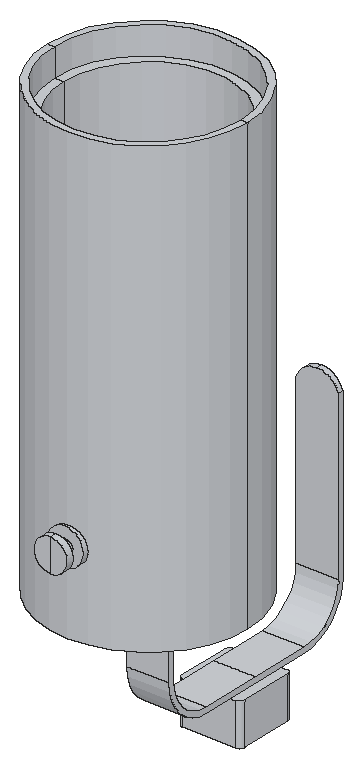
Revit family "Alcon-13340_LG_Revit FAMILY_", category Generic Models, host Face, Revit 2025
Family settings
  Host = Face
  Can host rebar = No
  Round Connector Dimension = Use Diameter
  Part Type = Normal
  Cut with Voids When Loaded = No
  Maintain Annotation Orientation = No
  Shared = No
  Room Calculation Point = No
Parameters
  URL = "https://www.alconlighting.com/?srsltid=AfmBOooDPhGQ0dEP-X2PMtxFfvvWpIAEL4jCll_O2F4_to5onvhnBomy"
  Product Page URL = "https://www.alconlighting.com/13340-sm.html"
  Model = "13340"
  Manufacturer = "ALCON Lighter"
  Fixture Rotation = 90.00°
  Default Elevation = 4' - 0"
Reference planes (in)
  plane 1 "Center (Front/Back)": y = 0
  plane 2: z = 0
  plane 3 "Center (Left/Right)": x = 0
  plane 4: z = 2.96166
Forms (in)
  Extrusion 1, solid
    sketch origin (0.03835, 0, 2.21166) x (0, -1, 0) y (0, 0, -1)
      loop
        line (0, 1.64916) -> (0.72361, 1.64916)
        arc (0.72361, 1.64916) -> (1.07716, 1.50272) -> (1.22361, 1.14916) r 0.5
        line (1.22361, 1.14916) -> (1.22361, -1.04381) -> (1.28611, -1.04381) -> (1.28611, 1.14824)
        arc (1.28611, 1.14824) -> (1.12109, 1.54664) -> (0.72269, 1.71166) r 0.56342
        line (0.72269, 1.71166) -> (0, 1.71166) -> (-0.72219, 1.71166)
        arc (-0.72219, 1.71166) -> (-1.12059, 1.54664) -> (-1.28561, 1.14824) r 0.56342
        line (-1.28561, 1.14824) -> (-1.28561, -1.04381) -> (-1.22311, -1.04381) -> (-1.22311, 1.14916)
        arc (-1.22311, 1.14916) -> (-1.07666, 1.50272) -> (-0.72311, 1.64916) r 0.5
        line (-0.72311, 1.64916) -> (0, 1.64916)
    from -0.28835 to 0.21165
  Extrusion 2, solid
    sketch origin (0, 0, 0.5) x (0, 1, 0) y (1, 0, 0)
      loop
        arc (-0.375, -0.3125) -> (-0.35669, -0.35669) -> (-0.3125, -0.375) r 0.0625
        line (-0.3125, -0.375) -> (0.3125, -0.375)
        arc (0.3125, -0.375) -> (0.35669, -0.35669) -> (0.375, -0.3125) r 0.0625
        line (0.375, -0.3125) -> (0.375, 0.3125)
        arc (0.375, 0.3125) -> (0.35669, 0.35669) -> (0.3125, 0.375) r 0.0625
        line (0.3125, 0.375) -> (-0.3125, 0.375)
        arc (-0.3125, 0.375) -> (-0.35669, 0.35669) -> (-0.375, 0.3125) r 0.0625
        line (-0.375, 0.3125) -> (-0.375, -0.3125)
    from 0 to 0.5
  Extrusion 3, void
    sketch origin (0, 0, 0) x (1, 0, 0) y (0, 0, 1)
      loop
        line (-0.32875, 3.3125) -> (-0.32875, 0.32939) -> (-0.26003, 0.32939) -> (-0.26003, 2.96166)
        arc (-0.26003, 2.96166) -> (-0.18387, 3.14553) -> (0, 3.22169) r 0.26003
        arc (0, 3.22169) -> (0.18387, 3.14553) -> (0.26003, 2.96166) r 0.26003
        line (0.26003, 2.96166) -> (0.26003, 0.32939) -> (0.35969, 0.32939) -> (0.35969, 3.3125) -> (-0.32875, 3.3125)
    from -6.21513 to 12
Cuts and joins
  Extrusion 3 cuts Extrusion 1
Dimensions and locks (in)
  "Fixture Rotation": angle nested 1 to plane 4
  aligned and locked: plane 2 to host face
  aligned and locked: level to host face
Automatic sketch dimensions
  host sketch curve to host sketch curve = 8' - 0"  (x2)
  Extrusion 1 sketch curve to plane 1 "Center (Front/Back)" = 0' - 0"  (x2)
  Extrusion 1 sketch curve to plane 1 "Center (Front/Back)" = 0' - 0.72219"
  Extrusion 1 sketch curve to Extrusion 1 sketch curve = 0' - 0.00092"  (x3)
  Extrusion 1 sketch curve to Extrusion 1 sketch curve = 0' - 0 1/2"
  Extrusion 1 sketch curve to Extrusion 1 sketch curve = 0' - 0 1/16"  (x2)
  plane 1 "Center (Front/Back)" to Extrusion 1 sketch curve = 0' - 0.72269"
  Extrusion 1 sketch curve to plane 4 = 0' - 0.29381"  (x2)
  plane 1 "Center (Front/Back)" to Extrusion 1 sketch curve = 0' - 1.22361"
  level to Extrusion 1 sketch curve = 0' - 1.06342"
  plane 1 "Center (Front/Back)" to Extrusion 2 sketch curve = 0' - 0 3/8"
  Extrusion 2 sketch curve to Extrusion 2 sketch curve = 0' - 0 1/16"  (x3)
  Extrusion 2 sketch curve to plane 1 "Center (Front/Back)" = 0' - 0 5/16"  (x2)
  plane 3 "Center (Left/Right)" to Extrusion 2 sketch curve = 0' - 0 3/8"
  Extrusion 2 sketch curve to plane 3 "Center (Left/Right)" = 0' - 0 5/16"
  Extrusion 3 sketch curve to Extrusion 3 sketch curve = 0' - 0"  (x2)
  Extrusion 3 sketch curve to plane 4 = 0' - 0"
  Extrusion 3 sketch curve to plane 3 "Center (Left/Right)" = 0' - 0"
  Extrusion 3 sketch curve to plane 3 "Center (Left/Right)" = 0' - 0.26003"
  Extrusion 3 sketch curve to plane 3 "Center (Left/Right)" = 0' - 0.32875"
  plane 3 "Center (Left/Right)" to Extrusion 3 sketch curve = 0' - 0.35969"
  level to Extrusion 3 sketch curve = 0' - 0.32939"  (x2)
  Extrusion 3 sketch curve to Extrusion 3 sketch curve = 0' - 0.09081"
Nested families (in)
  nested 1: "Alcon-13340_CYLINDER_LG" at (0, -1.28611, 2.96166) x (0, 0, -1) z (0, -1, 0), type "Alcon-13340_CYLINDER_LG"
    with built-in parameter 1001306 0.29167 (stored number, unit not read)
Definition of nested family "Alcon-13340_CYLINDER_LG"
  Parameters (values of type "Alcon-13340_CYLINDER_LG")
    Wattage = 9.2903 W
    built-in parameter 1150110 = 1 (stored number, unit not read)
    built-in parameter 1114217 = 1 (stored number, unit not read)
    Tilt Angle = 60.00°
    built-in parameter 1150109 = 1 (stored number, unit not read)
    built-in parameter 1150134 = 3
    built-in parameter 1150113 = 1 (stored number, unit not read)
    built-in parameter 1010507 = 1.5708 (stored number, unit not read)
    built-in parameter 1010506 = 0.5236 (stored number, unit not read)
    built-in parameter 1150105 = 4614.1 (stored number, unit not read)
    Lumens = 1380 lm
    built-in parameter 1150115 = 1 (stored number, unit not read)
    Light Source Symbol Length = 10' - 0"
    built-in parameter 1150137 = (empty or 0)
    built-in parameter 1150139 = (empty or 0)
    built-in parameter 1001306 [instance] = 4' - 0"
    built-in parameter 1150112 = 1 (stored number, unit not read)
    built-in parameter 1150114 = 1 (stored number, unit not read)
    built-in parameter 1150132 = (empty or 0)
    built-in parameter 1150102 = (empty or 0)
    built-in parameter 1150107 = 3200 (stored number, unit not read)
    built-in parameter 1150138 = (empty or 0)
    built-in parameter 1150106 = 46.141 (stored number, unit not read)
    Glass Lens = none
    built-in parameter 1150104 = 13.8 (stored number, unit not read)
    Dimming Lamp Color Temperature Shift = (empty or 0)
    Default Elevation = 0' - 0"
    Color Filter = 16777215
    built-in parameter 1114218 = 1 (stored number, unit not read)
    built-in parameter 1150133 = 10 (stored number, unit not read)
  Reference planes (in)
    plane 1 "Center (Front/Back)": y = 0
    plane 2: z = 0
    plane 3 "Left": x = 0
    plane 4 "Right": x = 48
  Forms (in)
    Revolve 1, solid
      sketch origin (0.745, 0, 0) x (0, 1, 0) y (-1, 0, 0)
        loop
          line (1.1875, -0.24786) -> (1.1875, 5.12714) -> (1.1075, 5.12714) -> (1.1075, 4.79511) -> (0.99496, 4.79511) -> (0.99496, -0.04873) -> (0, -0.04873) -> (0, -0.24786) -> (1.1875, -0.24786)
        axis (0, -0.24786) -> (0, 5.12714)
      angle from 0 to 360
    Extrusion 2, solid, material <- "Glass Lens"
      sketch origin (-2.66246, 1.17, 0) x (0, -1, 0) y (0, 0, -1)
        loop
          circle (1.17, 0) r 0.99496
      from -0.01051 to 0.05307
    Extrusion 3, solid
      sketch origin (0, 0, 0) x (1, 0, 0) y (0, 1, 0)
        loop
          circle (0, 0) r 0.21706
      from -1.22415 to 1.22361
    Revolve 4, solid
      sketch origin (0, 0, 0) x (1, 0, 0) y (0, 0, 1)
        loop
          line (-0.08431, 1.22361) -> (0, 1.22361) -> (0, 1.43841) -> (-0.194, 1.43841) -> (-0.194, 1.35666) -> (-0.08431, 1.35666) -> (-0.08431, 1.22361)
        axis (0, 1.43841) -> (0, 1.22361)
      angle from 0 to 360
    Revolve 5, solid
      sketch origin (0, 0, 0) x (1, 0, 0) y (0, 0, 1)
        loop
          line (-0.08431, -1.22361) -> (-0.08431, -1.34434) -> (-0.16093, -1.34434) -> (-0.16093, -1.41379) -> (0, -1.41379) -> (0, -1.22361) -> (-0.08431, -1.22361)
        axis (0, -1.41379) -> (0, -1.22361)
      angle from 0 to 360
  Lines and regions (in)
    reference lines
      curve 1: line (0, 0, 0) -> (48, 0, 0)
    model lines
      curve 2: line (0, 0, 0) -> (-6.37585, 0, 0)
  Dimensions and locks (in)
    "built-in parameter 1001306": plane 3 "Left" to plane 4 "Right"
    aligned and locked: plane 4 "Right" to curve 1
    aligned and locked: plane 1 "Center (Front/Back)" to curve 1
    aligned and locked: plane 3 "Left" to curve 1
    aligned and locked: level to plane 2
  Automatic sketch dimensions
    curve 2 to level = 0' - 0"
    curve 2 to plane 3 "Left" = 0' - 0"
    curve 2 to plane 3 "Left" = 0' - 6.37585"
    plane 1 "Center (Front/Back)" to Extrusion 3 sketch curve = 0' - 0"
    Extrusion 3 sketch curve to plane 3 "Left" = 0' - 0"
    Revolve 5 sketch curve to plane 3 "Left" = 0' - 0"  (x2)
    Revolve 5 sketch curve to plane 3 "Left" = 0' - 0.08431"
    Revolve 5 sketch curve to Revolve 5 sketch curve = 0' - 0.07662"
    Revolve 5 sketch curve to level = 0' - 1.41379"
    Revolve 5 sketch curve to Revolve 5 sketch curve = 0' - 0.06945"
    Revolve 5 sketch curve to Revolve 5 sketch curve = 0' - 0.12073"
    Revolve 5 sketch curve to Revolve 5 sketch curve = 0' - 0.05713"
    Revolve 5 sketch curve to Revolve 5 sketch curve = 0' - 0"
    Revolve 4 sketch curve to plane 3 "Left" = 0' - 0"  (x2)
    Revolve 4 sketch curve to Revolve 4 sketch curve = 0' - 0.08431"
    Revolve 4 sketch curve to Revolve 4 sketch curve = 0' - 0.10969"
    level to Revolve 4 sketch curve = 0' - 1.22361"
    Revolve 4 sketch curve to Revolve 4 sketch curve = 0' - 0.13305"
    Revolve 4 sketch curve to Revolve 4 sketch curve = 0' - 0.08175"  (x2)
    Revolve 4 sketch curve to Revolve 4 sketch curve = 0' - 0"
    plane 1 "Center (Front/Back)" to Revolve 1 sketch curve = 0' - 0"  (x2)
    Revolve 1 sketch curve to plane 1 "Center (Front/Back)" = 0' - 0.99496"
    Revolve 1 sketch curve to Revolve 1 sketch curve = 0' - 0.11254"
    Revolve 1 sketch curve to Revolve 1 sketch curve = 0' - 0.08"
    plane 3 "Left" to Revolve 1 sketch curve = 0' - 0.99286"
    Revolve 1 sketch curve to Revolve 1 sketch curve = 0' - 0.19913"
    Revolve 1 sketch curve to plane 3 "Left" = 0' - 4.05011"
    Revolve 1 sketch curve to Revolve 1 sketch curve = 0' - 0 85/256"
    Revolve 1 sketch curve to Revolve 1 sketch curve = 0' - 0"
    Revolve 1 sketch curve to Revolve 1 sketch curve = 0' - 2.47345"
    Extrusion 2 sketch curve to Extrusion 2 sketch curve = 0' - 0"  (x2)
    Extrusion 2 sketch curve to level = 0' - 0"
    Extrusion 2 sketch curve to plane 1 "Center (Front/Back)" = 0' - 0"
    Extrusion 2 sketch curve to Extrusion 2 sketch curve = 0' - 0.99496"
    radius of Extrusion 3 sketch curve = 0' - 0.21706"
